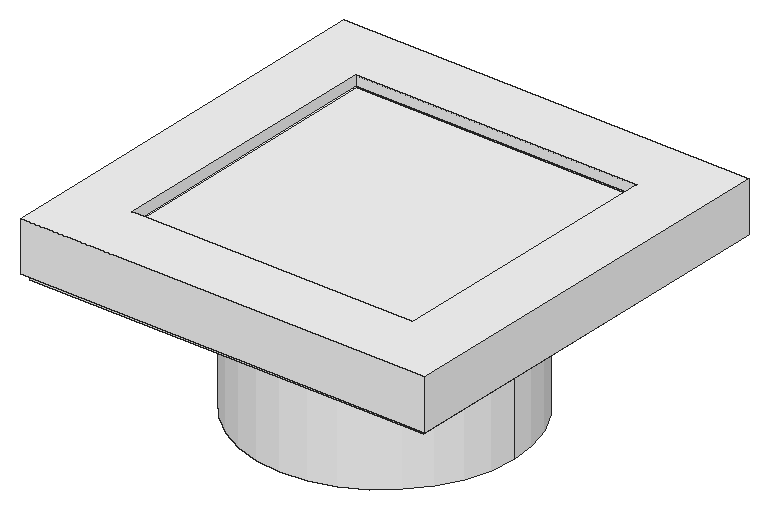
Revit family "Gira_228228", category Electrical Fixtures, host Face, Revit 2017
Family settings
  Host = Face
  Maintain Annotation Orientation = Yes
  Round Connector Dimension = Use Diameter
  Part Type = Normal
  Cut with Voids When Loaded = No
  Shared = No
  Room Calculation Point = No
Parameters (values of type "Speaker RDS FM radio System 55 anthra.")
  White [instance] = White
  URL = "http://katalog.gira.de/en/datenblatt.html?artikelnr=228228"
  Type of fastening = "Mounting with claw and screw"
  Surface protection = "Other"
  Surface finishing = "Glossy"
  Name = "Speaker RDS FM radio System 55 anthra."
  Mounting method = "Flush mounted (plaster)"
  Model = "Radio"
  Material quality = "Other"
  Material = "Other"
  Manufacturer URL = "https://www.gira.de/"
  Manufacturer = "Gira"
  HeinzeBIM = "https://bimportal.heinze.de/bim/speaker-rds-fm-radio-system-55-anthra-/cc8c72de72567c5c413a5b362e8890feb647162b"
  Halogen free = "No"
  HAN = "228228"
  GTIN = "4010337076261"
  Description = "Spk.FM radio RDS Sys55 AN,Speaker for the RDS flush-mounted radio,,anthracite,Features:,- Speaker for connection to the Gira RDS flush-mounted radio."
  Default Elevation = 1219.2 mm
  Data sheet (1) = "https://katalog.gira.de/en/download.html?artikelnr=228228"
  Colour = "Anthracite"
  Category = "Electronic insert for domestic switching devices"
  BIM (1) = "https://media.stage.bim.site/public/gira/36a6b08/Sys55_Komplettgerät_Schalten und Tasten.rfa?public/gira/36a6b08/Sys55_Komplettgerät_Schalten und Tasten.rfa"
  Available = "No"
  Assembly arrangement = "Basic element with housing top"
Reference planes
  plane 1 "Center (Front/Back)": y = 0
  plane 2: z = 0
  plane 3 "Center (Left/Right)": x = 0
Forms (mm)
  Extrusion 1, solid, material "White" <- "White", detail levels medium
    sketch origin (0, 0, 0) x (1, 0, 0) y (0, 1, 0)
      loop
        line (-40.4, 40.4) -> (-40.4, -40.4) -> (40.4, -40.4) -> (40.4, 40.4) -> (-40.4, 40.4)
      loop
        line (-28, 28) -> (-28, -28) -> (28, -28) -> (28, 28) -> (-28, 28)
    from 0 to 10
  Extrusion 2, solid, material "White" <- "White", detail levels fine
    sketch origin (0, 0, 0) x (1, 0, 0) y (0, 1, 0)
      loop
        line (-40.4, 40.4) -> (-40.4, -40.4) -> (40.4, -40.4) -> (40.4, 40.4) -> (-40.4, 40.4)
      loop
        line (-28, 28) -> (-28, -28) -> (28, -28) -> (28, 28) -> (-28, 28)
    from 0 to 10
  Extrusion 3, void
    sketch origin (0, 0, 0) x (1, 0, 0) y (0, 1, 0)
      loop
        line (-38.4, 38.4) -> (-38.4, -38.4) -> (38.4, -38.4) -> (38.4, 38.4) -> (-38.4, 38.4)
    from 0 to 8
  Extrusion 4, solid, material "White" <- "White", detail levels medium+fine
    sketch origin (0, 0, 0) x (1, 0, 0) y (0, 1, 0)
      loop
        line (-39.4, 39.4) -> (-39.4, -39.4) -> (39.4, -39.4) -> (39.4, 39.4) -> (-39.4, 39.4)
    from 0 to -1
  Extrusion 5, solid, material "White" <- "White", detail levels medium+fine
    sketch origin (0, 0, 0) x (1, 0, 0) y (0, 1, 0)
      loop
        line (-35.5, 35.5) -> (-35.5, -35.5) -> (35.5, -35.5) -> (35.5, 35.5) -> (-35.5, 35.5)
    from -2 to -3
  Extrusion 6, solid, material "White" <- "White", detail levels medium+fine
    sketch origin (0, 0, 0) x (1, 0, 0) y (0, 1, 0)
      loop
        circle (0, 0) r 26
    from 0 to -27.5
  Extrusion 7, solid, material "White" <- "White", detail levels coarse
    sketch origin (0, 0, 0) x (1, 0, 0) y (0, 1, 0)
      loop
        line (-40.4, 40.4) -> (-40.4, -40.4) -> (40.4, -40.4) -> (40.4, 40.4) -> (-40.4, 40.4)
    from -27.5 to 10
Cuts and joins
  Extrusion 3 cuts Extrusion 2
Dimensions and locks
  aligned and locked: plane 2 to host face
  aligned and locked: level to host face
  aligned and locked: plane 3 "Center (Left/Right)" to nested 2
  aligned and locked: plane 1 "Center (Front/Back)" to nested 2
Nested families
  nested 1: "Sys55_Abdeckung_Schalten und Tasten_floor_base" at (0, 0, 0), type "Sys55_Abdeckung_Schalten und Tasten_floor_base"
  nested 2: "Schalter" at (0, 0, 0), type "Schalter"
Connectors
  electrical at (0, 0, -27.5)
    settings: on Extrusion 6, index 1, voltage 220 V, apparent load 0 VA, apparent load phase1 0 VA, apparent load phase2 0 VA, apparent load phase3 0 VA, power factor 1, load classification "Other", number of poles 1, system type 30, power factor state 1, is connector primary yes, connector utility no, sub classification motor no, connector description ""
Definition of nested family "Sys55_Abdeckung_Schalten und Tasten_floor_base"
  Parameters
    Default Elevation = 1219.2 mm
    White [instance] = none
  Reference planes
    plane 1 "Center (Front/Back)": y = 0
    plane 2: z = 0
    plane 3 "Center (Left/Right)": x = 0
  Forms (mm)
    Extrusion 1, solid
      sketch origin (0, 0, 0) x (1, 0, 0) y (0, 1, 0)
        loop
          line (-1219.2, 1219.2) -> (-1219.2, -1219.2) -> (1219.2, -1219.2) -> (1219.2, 1219.2) -> (-1219.2, 1219.2)
      from 0 to -304.8
    Extrusion 2, solid, material <- "White", detail levels fine
      sketch origin (0, 0, 0) x (1, 0, 0) y (0, 1, 0)
        loop
          line (-27.5, 27.5) -> (-27.5, -27.5) -> (27.5, -27.5) -> (27.5, 27.5) -> (-27.5, 27.5)
      from 0 to 8
    Extrusion 3, void
      sketch origin (0, 0, 0) x (1, 0, 0) y (0, 1, 0)
        loop
          line (26, 26) -> (-26, 26) -> (-26, -26) -> (26, -26) -> (26, 26)
      from 0 to 6
    Extrusion 4, solid, material <- "White", detail levels medium
      sketch origin (0, 0, 0) x (1, 0, 0) y (0, 1, 0)
        loop
          line (-27.5, 27.5) -> (-27.5, -27.5) -> (27.5, -27.5) -> (27.5, 27.5) -> (-27.5, 27.5)
      from 0 to 8
    Extrusion 5, solid, material <- "White", detail levels medium
      sketch origin (0, 0, 0) x (1, 0, 0) y (0, 1, 0)
        loop
          line (11, -17.5) -> (11, 17.5) -> (-11, 17.5) -> (-11, -17.5) -> (11, -17.5)
      from -6 to 6
    Extrusion 6, solid, material <- "White", detail levels fine
      sketch origin (0, 0, 0) x (1, 0, 0) y (0, 1, 0)
        loop
          line (11, 17.5) -> (-11, 17.5) -> (-11, 16.5) -> (11, 16.5) -> (11, 17.5)
        loop
          line (-11, -16.5) -> (-11, -17.5) -> (11, -17.5) -> (11, -16.5) -> (-11, -16.5)
      from -4 to 6
    Extrusion 7, solid, material <- "White", detail levels fine
      sketch origin (0, 0, 0) x (1, 0, 0) y (0, 1, 0)
        loop
          arc (5, 9.347) -> (0, 10.6) -> (-5, 9.347) r 10.6
          line (-5, 9.347) -> (-5, -9.347)
          arc (-5, -9.347) -> (0, -10.6) -> (5, -9.347) r 10.6
          line (5, -9.347) -> (5, 9.347)
      from -6 to 6
    Extrusion 8, solid, material <- "White", detail levels coarse
      sketch origin (0, 0, 0) x (1, 0, 0) y (0, 1, 0)
        loop
          line (-27.5, 27.5) -> (-27.5, -27.5) -> (27.5, -27.5) -> (27.5, 27.5) -> (-27.5, 27.5)
      from -6 to 8
  Cuts and joins
    Extrusion 3 cuts Extrusion 2
  Dimensions and locks
    aligned and locked: plane 2 to Extrusion 1
    aligned and locked: level to Extrusion 1
Definition of nested family "Schalter"
  Reference planes
    plane 1: y = 0
    plane 2: x = 0
  Lines and regions (mm)
    detail lines
      curve 1: circle (1.375, 2.778, 0) r 0.8 normal (0, 0, 1)
      curve 2: line (1.021, 2.061, 0) -> (0, 0, 0)
      curve 3: line (0, 0, 0) -> (-0.538, 0.266, 0)
  Dimensions and locks
    curve 2 to curve 2 = 2.3 mm
    curve 3 to curve 2 = 0.6 mm
    radius of curve 1 = 0.8 mm
